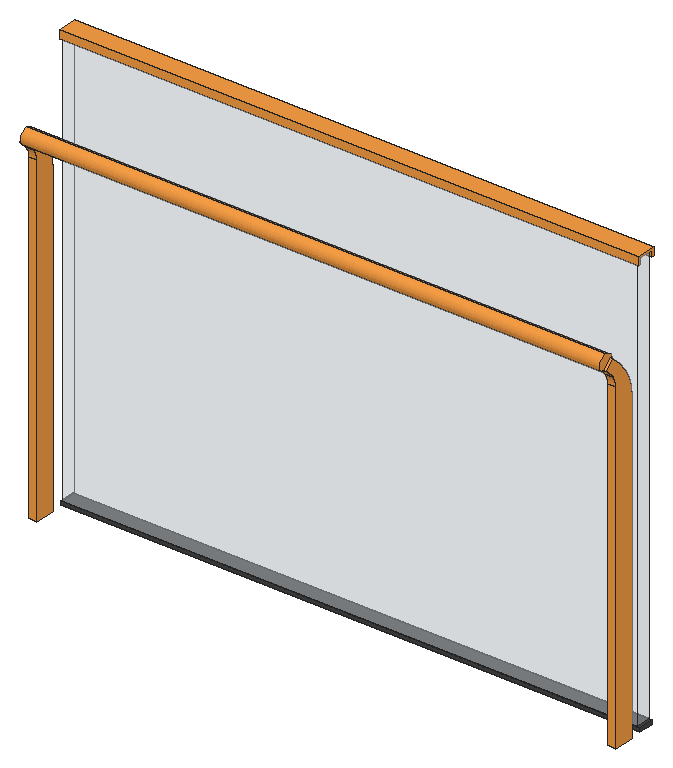
Revit family "Railing_Main", category Curtain Panels, Revit 2024
Family settings
  OmniClass Number = 23.25.20.14.11.11.17
  OmniClass Title = Infill Panels
  Always vertical = Yes
  Cut with Voids When Loaded = No
  Shared = No
Parameters (values of type "Flat")
  show_flat [instance] = is_flat  # yes
  show_arc inverted [instance] = and(is_arc, is_inverted arc)  # no
  show_arc [instance] = and(is_arc, not(is_inverted arc))  # no
  is_inverted arc [instance] = no
  is_flat [instance] = not(is_arc)  # yes
  is_arc = no
  Type Comments = "railing"
  R [instance] = 3000 mm
  Offset_Negative [instance] = if(CWPL_$Offset < 0 mm, abs(CWPL_$Offset), 0 mm)  # 0 mm
  Offset_Positive [instance] = if(CWPL_$Offset > 0 mm, abs(CWPL_$Offset), 0 mm)  # 0 mm
  Keynote = "RLG-1"
  H [instance] = 1100 mm
  Define Thermal Properties by = Schematic Type
  CWPL_$Width [instance] = 1500 mm
  CWPL_$Offset = 0 mm
  CWPL_$Height [instance] = 2500 mm
  Analytic Construction = "<None>"
Types (2, lengths in mm): name | show_flat | show_arc | is_flat | is_arc
  Flat | yes | no | yes | no
  Arc | no | yes | no | yes
Reference planes
  plane 1 "Front": y = 0
  plane 2: z = 0
  plane 3 "Center (Left/Right)": x = 0
  plane 4 "Left": x = -750
  plane 5 "Right": x = 750
  plane 6 "Top": z = 2500
  plane 7 "Host": y = 0
  plane 8: y = 0
Text (mm)
  text "Exterior" at (-1379.057, 797.241, 0), in view "Ref. Level"
  text "Exterior" at (12192, 1055.114, 2275.943), in view "Right"
  text "Exterior" at (-6096, 1468.734, 2687.031), in view "Left"
  text "WORKPLANE = HOST" at (922.129, 232.231, 0), in view "Ref. Level"
Dimensions and locks
  equal spacing: plane 4 "Left", plane 3 "Center (Left/Right)", plane 5 "Right"
  "CWPL_$Height": plane 2 to plane 6 "Top"
  "Offset_Positive": plane 7 "Host" to plane 8
  "Offset_Negative": plane 8 to plane 1 "Front"
  "CWPL_$Width": plane 4 "Left" to plane 5 "Right"
  aligned and locked: level to plane 2
  aligned and locked: plane 7 "Host" to nested 1
  aligned and locked: nested 1 to plane 5 "Right"
  aligned and locked: plane 1 "Front" to nested 2
  aligned and locked: nested 2 to plane 5 "Right"
  aligned and locked: nested 3 to plane 7 "Host"
  aligned and locked: nested 3 to plane 5 "Right"
Nested families
  nested 1: "Edge railing_Straight" at (750, 0, 0), W <- "CWPL_$Width", H <- "H", visible <- "show_flat", type "SD"
    with W 1500 mm, H 1100 mm
  nested 2: "Edge railing_Arc" at (750, 0, 0), H <- "H", R <- "R", W <- "CWPL_$Width", visible <- "show_arc", type "SD"
    with angle flip -14.4775°, angle 14.4775°, W 1500 mm, R 3000 mm, H 1100 mm
  nested 3: "Edge railing_Invert Arc" at (750, 0, 0), H <- "H", W <- "CWPL_$Width", R <- "R", visible <- "show_arc inverted", type "SD"
    with angle flip -14.4775°, angle 14.4775°, W 1500 mm, R 3000 mm, H 1100 mm
  nested 4: "EA_ID ARROW" at (50, 0, 0), type "SD"
  nested 5: "EA_ID ARROW" at (90.912, 0, 0), type "SD"
  nested 6: "EA_ID ARROW" at (10, 0, 0), type "SD"
Definition of nested family "Edge railing_Straight"
  Parameters (values of type "SD")
    yes = not(no)  # yes
    no = 1 > 2  # no
    W [instance] = 1500 mm
    Typ Railing = yes
    Low Railing [instance] = no
    Handrail h = 1100 mm
    H [instance] = 1100 mm
    Default Elevation = 0 mm
  Reference planes
    plane 1 "Center (Front/Back)": y = 0
    plane 2: z = 0
    plane 3 "Center (Left/Right)": x = 0
    plane 4: x = -1500
  Forms (mm)
    Sweep 1, solid
      path origin (0, 0, 0) x (1, 0, 0) y (0, 1, 0)
        loop
          line (0, 0) -> (-1500, 0)
      profile "Glass Profile : Vision" origin (-750, 0, 0) x (0, -1, 0) y (0, 0, 1)
        loop
          line (0, 0) -> (40, 0) -> (40, 1100) -> (0, 1100) -> (0, 0)
    Sweep 2, void
      path origin (0, 0, 0) x (1, 0, 0) y (0, 0, 1)
        loop
          line (0, 0) -> (0, 4500)
      profile "glass side trim V. Main_Void : SD" origin (0, 0, 2250) x (-1, 0, 0) y (0, -1, 0)
        loop
          line (-457.979, -190) -> (40, -190) -> (40, -90) -> (5, -90) -> (5, 140) -> (40, 140) -> (40, 220) -> (-457.979, 220) -> (-457.979, -190)
    Sweep 3, void
      path origin (-600, 0, 0) x (1, 0, 0) y (0, 0, 1)
        loop
          line (-900, 0) -> (-900, 4500)
      profile "glass side trim V. Main_Void : SD" origin (-1500, 0, 2250) x (-1, 0, 0) y (0, -1, 0)
        loop
          line (457.979, -190) -> (457.979, 220) -> (-40, 220) -> (-40, 140) -> (-5, 140) -> (-5, -90) -> (-40, -90) -> (-40, -190) -> (457.979, -190)
    Sweep 4, solid
      path origin (0, 0, 0) x (1, 0, 0) y (0, 1, 0)
        loop
          line (0, 0) -> (-1500, 0)
      profile "handrail : SD" origin (-750, 0, 0) x (0, -1, 0) y (0, 0, 1)
        loop
          circle (150, 900) r 20
    Sweep 5, solid
      path origin (0, 0, 0) x (1, 0, 0) y (0, 1, 0)
        loop
          line (0, 0) -> (-1500, 0)
      profile "Silicon : SD" origin (-750, 0, 0) x (0, -1, 0) y (0, 0, 1)
        loop
          line (40, -5) -> (40, 5) -> (0, 5) -> (0, -5) -> (40, -5)
    Sweep 6, solid
      path origin (0, 0, 0) x (1, 0, 0) y (0, 1, 0)
        loop
          line (0, 0) -> (-1500, 0)
      profile "Top rail : SD" origin (-750, 0, 0) x (0, -1, 0) y (0, 0, 1)
        loop
          line (45, 1100) -> (-5, 1100) -> (-5, 1080) -> (0, 1080) -> (0, 1095) -> (40, 1095) -> (40, 1080) -> (45, 1080) -> (45, 1100)
    Sweep 7, void
      path origin (0, 0, 0) x (1, 0, 0) y (0, 1, 0)
        loop
          line (0, 0) -> (-1500, 0)
      profile "Mullion H. Main_Void : SD" origin (-750, 0, 0) x (0, -1, 0) y (0, 0, 1)
        loop
          line (337.252, 1060) -> (337.252, 1290) -> (0, 1290) -> (0, 1095) -> (40, 1095) -> (40, 1060) -> (337.252, 1060)
    Sweep 8, void
      path origin (0, 0, 0) x (1, 0, 0) y (0, 1, 0)
        loop
          line (0, 0) -> (-1500, 0)
      profile "Mullion H. Main_Void : SD" origin (-750, 0, 0) x (0, -1, 0) y (0, 0, 1)
        loop
          line (337.252, 40) -> (40, 40) -> (40, 5) -> (0, 5) -> (0, -190) -> (337.252, -190) -> (337.252, 40)
  Cuts and joins
    Sweep 2, Sweep 3, Sweep 7, Sweep 8 cuts Sweep 1
  Dimensions and locks
    "W": plane 4 to plane 3 "Center (Left/Right)"
    Sweep 6 to plane 2 = 1100 mm
    Sweep 6 to nested 2 = 192.426 mm
    aligned and locked: plane 2 to level
    aligned and locked: plane 3 "Center (Left/Right)" to Sweep 1 sketch curve
    aligned and locked: plane 4 to Sweep 1 sketch curve
    aligned and locked: nested 1 to plane 4
    aligned and locked: nested 3 to level
    aligned and locked: nested 3 to plane 4
    aligned and locked: nested 4 to plane 3 "Center (Left/Right)"
    aligned and locked: plane 1 "Center (Front/Back)" to nested 5
  Automatic sketch dimensions
    plane 1 "Center (Front/Back)" to Sweep 1 sketch curve = 0 mm
    Sweep 2 sketch curve to plane 3 "Center (Left/Right)" = 0 mm
    Sweep 2 sketch curve to level = 0 mm
    Sweep 2 sketch curve to Sweep 2 sketch curve = 4500 mm
    Sweep 3 sketch curve to plane 4 = 0 mm
    Sweep 3 sketch curve to level = 0 mm
    Sweep 3 sketch curve to Sweep 3 sketch curve = 4500 mm
    plane 1 "Center (Front/Back)" to Sweep 4 sketch curve = 0 mm
    Sweep 4 sketch curve to plane 4 = 0 mm
    Sweep 4 sketch curve to plane 3 "Center (Left/Right)" = 0 mm
    plane 1 "Center (Front/Back)" to Sweep 5 sketch curve = 0 mm
    Sweep 5 sketch curve to plane 4 = 0 mm
    Sweep 5 sketch curve to plane 3 "Center (Left/Right)" = 0 mm
    plane 1 "Center (Front/Back)" to Sweep 6 sketch curve = 0 mm
    Sweep 6 sketch curve to plane 4 = 0 mm
    Sweep 6 sketch curve to plane 3 "Center (Left/Right)" = 0 mm
    plane 1 "Center (Front/Back)" to Sweep 7 sketch curve = 0 mm
    Sweep 7 sketch curve to plane 4 = 0 mm
    Sweep 7 sketch curve to plane 3 "Center (Left/Right)" = 0 mm
    plane 1 "Center (Front/Back)" to Sweep 8 sketch curve = 0 mm
    Sweep 8 sketch curve to plane 4 = 0 mm
    Sweep 8 sketch curve to plane 3 "Center (Left/Right)" = 0 mm
  Nested families
    nested 1: "Support" at (-1500, 0, 0) x (-1, 0, 0) z (0, 0, 1), visible <- "Typ Railing", type "DD"
    nested 2: "Support" at (0, 0, 0) x (-1, 0, 0) z (0, 0, 1), visible <- "Typ Railing", type "DD"
    nested 3: "support-Low" at (-1500, 0, 0) x (-1, 0, 0) z (0, 0, 1), visible <- "Low Railing", type "support-Low"
    nested 4: "support-Low" at (0, 0, 300) x (-1, 0, 0) z (0, 0, 1), visible <- "Low Railing", type "support-Low"
    nested 5: "EA_ID ARROW" at (-700, 0, 0), type "SD"
  Definition of nested family "Support"
    Parameters (values of type "support")
      Default Elevation = 0 mm
    Reference planes
      plane 1 "Center (Front/Back)": y = 0
      plane 2: z = 0
      plane 3 "Center (Left/Right)": x = 0
    Forms (mm)
      Extrusion 1, solid
        sketch origin (0, -160, 0) x (0, 1, 0) y (0, 0, 1)
          loop
            line (240, 0) -> (290, 0) -> (290, 839.289)
            arc (290, 839.289) -> (293.045, 854.597) -> (301.716, 867.574) r 40
            line (301.716, 867.574) -> (320.503, 886.36) -> (299.289, 907.574) -> (278.076, 886.36)
            arc (278.076, 886.36) -> (249.896, 844.185) -> (240, 794.437) r 130
            line (240, 794.437) -> (240, 0)
        from -10 to 10
    Dimensions and locks
      aligned and locked: plane 2 to level
  Definition of nested family "support-Low"
    Parameters (values of type "support-Low")
      Default Elevation = 0 mm
    Reference planes
      plane 1 "Center (Front/Back)": y = 0
      plane 2: z = 0
      plane 3 "Center (Left/Right)": x = 0
    Forms (mm)
      Extrusion 1, solid
        sketch origin (0, -160, 0) x (0, 1, 0) y (0, 0, 1)
          loop
            line (240, 0) -> (290, 0) -> (290, 539.289)
            arc (290, 539.289) -> (293.045, 554.597) -> (301.716, 567.574) r 40
            line (301.716, 567.574) -> (320.503, 586.36) -> (299.289, 607.574) -> (278.076, 586.36)
            arc (278.076, 586.36) -> (249.896, 544.185) -> (240, 494.437) r 130
            line (240, 494.437) -> (240, 0)
        from -10 to 10
    Dimensions and locks
      aligned and locked: plane 2 to level
  Definition of nested family "EA_ID ARROW"
    Parameters (values of type "SD")
      Default Elevation = 0 mm
    Reference planes
      plane 1 "Center (Front/Back)": y = 0
      plane 2: z = 0
      plane 3 "Center (Left/Right)": x = 0
      plane 4: z = 1500
      plane 5 "main": y = 500
    Lines and regions (mm)
      model lines
        curve 1: line (400, 500, 1500) -> (-400, 500, 1500)
        curve 2: line (-400, 500, 1500) -> (-272.721, 500, 1627.279)
        curve 3: line (-400, 500, 1500) -> (-272.721, 500, 1372.721)
    Dimensions and locks
      plane 2 to plane 4 = 1500 mm
      plane 5 "main" to plane 1 "Center (Front/Back)" = 500 mm
      aligned and locked: plane 2 to level
Definition of nested family "Edge railing_Arc"
  Parameters (values of type "SD")
    yes = not(no)  # yes
    no = 1 > 2  # no
    angle flip [instance] = -angle  # -14.4775°
    angle [instance] = asin((W / 2) / R)  # 14.4775°
    W [instance] = 1500 mm
    R [instance] = 3000 mm
    Handrail h = 1100 mm
    H [instance] = 4500 mm
    Default Elevation = 0 mm
  Reference planes
    plane 1 "Center (Front/Back)": y = 0
    plane 2: z = 0
    plane 3 "Center (Left/Right)": x = 0
    plane 4: x = -1500
  Forms (mm)
    Sweep 1, void
      path origin (0, 0, 0) x (1, 0, 0) y (0, 0, 1)
        loop
          line (0, 0) -> (0, 4500)
      profile "glass side trim V. Main_Void : SD" origin (0, 0, 2250) x (-1, 0, 0) y (0, -1, 0)
        loop
          line (-490.936, -69.472) -> (-8.77, -193.967) -> (16.23, -97.142) -> (-17.659, -88.392) -> (39.841, 134.304) -> (73.73, 125.554) -> (93.73, 203.014) -> (-388.436, 327.509) -> (-490.936, -69.472)
    Sweep 2, void
      path origin (-600, 0, 0) x (1, 0, 0) y (0, 0, 1)
        loop
          line (-900, 0) -> (-900, 4500)
      profile "glass side trim V. Main_Void : SD" origin (-1500, 0, 2250) x (-1, 0, 0) y (0, -1, 0)
        loop
          line (490.936, -69.472) -> (388.436, 327.509) -> (-93.73, 203.014) -> (-73.73, 125.554) -> (-39.841, 134.304) -> (17.659, -88.392) -> (-16.23, -97.142) -> (8.77, -193.967) -> (490.936, -69.472)
    Sweep 3, solid
      path in 3D
        loop
          arc (0, 0, 0) -> (-750, 95.262, 0) -> (-1500, 0, 0) r 3000
      profile "Glass Profile : Vision" origin (-750, 95.262, 0) x (0, -1, 0) y (0, 0, 1)
        loop
          line (0, 0) -> (40, 0) -> (40, 4500) -> (0, 4500) -> (0, 0)
    Sweep 4, solid
      path in 3D
        loop
          arc (0, 0, 0) -> (-750, 95.262, 0) -> (-1500, 0, 0) r 3000
      profile "Top rail : SD" origin (-750, 95.262, 0) x (0, -1, 0) y (0, 0, 1)
        loop
          line (45, 4500) -> (-5, 4500) -> (-5, 4480) -> (0, 4480) -> (0, 4495) -> (40, 4495) -> (40, 4480) -> (45, 4480) -> (45, 4500)
    Sweep 5, solid
      path in 3D
        loop
          arc (0, 0, 0) -> (-750, 95.262, 0) -> (-1500, 0, 0) r 3000
      profile "Handrail : SD" origin (-750, 95.262, 0) x (0, -1, 0) y (0, 0, 1)
        loop
          circle (150, 900) r 20
    Sweep 6, solid
      path in 3D
        loop
          arc (0, 0, 0) -> (-750, 95.262, 0) -> (-1500, 0, 0) r 3000
      profile "Silicon : SD" origin (-750, 95.262, 0) x (0, -1, 0) y (0, 0, 1)
        loop
          line (40, 5) -> (0, 5) -> (0, -5) -> (40, -5) -> (40, 5)
    Sweep 7, void
      path in 3D
        loop
          arc (0, 0, 0) -> (-750, 95.262, 0) -> (-1500, 0, 0) r 3000
      profile "Mullion H. Main_Void : SD" origin (-750, 95.262, 0) x (0, -1, 0) y (0, 0, 1)
        loop
          line (337.252, 4460) -> (337.252, 4690) -> (0, 4690) -> (0, 4495) -> (40, 4495) -> (40, 4460) -> (337.252, 4460)
    Sweep 8, void
      path in 3D
        loop
          arc (0, 0, 0) -> (-750, 95.262, 0) -> (-1500, 0, 0) r 3000
      profile "Mullion H. Main_Void : SD" origin (-750, 95.262, 0) x (0, -1, 0) y (0, 0, 1)
        loop
          line (337.252, 40) -> (40, 40) -> (40, 5) -> (0, 5) -> (0, -190) -> (337.252, -190) -> (337.252, 40)
  Cuts and joins
    Sweep 1, Sweep 2, Sweep 7, Sweep 8 cuts Sweep 3
  Lines and regions (mm)
    reference lines
      curve 1: arc (0, 0, 0) -> (-750, 95.262, 0) -> (-1500, 0, 0) r 3000
      curve 2: line (-1500, 0, 0) -> (-1200, -1161.895, 0)
      curve 3: line (0, 0, 0) -> (-200, -774.597, 0)
    sketch lines
      curve 4: arc (0, 0, 0) -> (-750, 95.262, 0) -> (-1500, 0, 0) r 3000
      curve 5: arc (0, 0, 0) -> (-750, 95.262, 0) -> (-1500, 0, 0) r 3000
      curve 6: arc (0, 0, 0) -> (-750, 95.262, 0) -> (-1500, 0, 0) r 3000
      curve 7: arc (0, 0, 0) -> (-750, 95.262, 0) -> (-1500, 0, 0) r 3000
      curve 8: arc (0, 0, 0) -> (-750, 95.262, 0) -> (-1500, 0, 0) r 3000
      curve 9: arc (0, 0, 0) -> (-750, 95.262, 0) -> (-1500, 0, 0) r 3000
  Dimensions and locks
    "W": plane 4 to plane 3 "Center (Left/Right)"
    "H": Sweep 1 sketch curve to Sweep 1 sketch curve
    "H": Sweep 2 sketch curve to Sweep 2 sketch curve
    "R": radius of curve 1
    "angle": angle plane 4 to curve 2
    "angle": angle curve 3 to plane 3 "Center (Left/Right)"
    aligned and locked: plane 2 to level
    aligned and locked: plane 1 "Center (Front/Back)" to nested 3
  Automatic sketch dimensions
    plane 1 "Center (Front/Back)" to curve 1 = 0 mm
    curve 1 to plane 4 = 0 mm
    plane 1 "Center (Front/Back)" to curve 3 = 0 mm
    curve 3 to plane 3 "Center (Left/Right)" = 0 mm
    Sweep 1 sketch curve to plane 3 "Center (Left/Right)" = 0 mm
    Sweep 1 sketch curve to level = 0 mm
    Sweep 2 sketch curve to plane 4 = 0 mm
    Sweep 2 sketch curve to level = 0 mm
  Nested families
    nested 1: "Supports" at (0, 0, 0) x (-0.9682, 0.25, 0) z (0, 0, 1), type "DD"
    nested 2: "Supports" at (-1500, 0, 0) x (-0.9682, -0.25, 0) z (0, 0, 1), type "DD"
    nested 3: "EA_ID ARROW" at (-740, 0, 0), type "SD"
  Definition of nested family "Supports"
    Parameters (values of type "support")
      Default Elevation = 0 mm
    Reference planes
      plane 1 "Center (Front/Back)": y = 0
      plane 2: z = 0
      plane 3 "Center (Left/Right)": x = 0
    Forms (mm)
      Extrusion 1, solid
        sketch origin (0, -160, 0) x (0, 1, 0) y (0, 0, 1)
          loop
            line (240, 0) -> (290, 0) -> (290, 839.289)
            arc (290, 839.289) -> (293.045, 854.597) -> (301.716, 867.574) r 40
            line (301.716, 867.574) -> (320.503, 886.36) -> (299.289, 907.574) -> (278.076, 886.36)
            arc (278.076, 886.36) -> (249.896, 844.185) -> (240, 794.437) r 130
            line (240, 794.437) -> (240, 0)
        from -10 to 10
    Dimensions and locks
      aligned and locked: plane 2 to level
  Definition of nested family "EA_ID ARROW"
    Parameters (values of type "SD")
      Default Elevation = 0 mm
    Reference planes
      plane 1 "Center (Front/Back)": y = 0
      plane 2: z = 0
      plane 3 "Center (Left/Right)": x = 0
      plane 4: z = 1500
      plane 5 "main": y = 500
    Lines and regions (mm)
      model lines
        curve 1: line (400, 500, 1500) -> (-400, 500, 1500)
        curve 2: line (-400, 500, 1500) -> (-272.721, 500, 1627.279)
        curve 3: line (-400, 500, 1500) -> (-272.721, 500, 1372.721)
    Dimensions and locks
      plane 2 to plane 4 = 1500 mm
      plane 5 "main" to plane 1 "Center (Front/Back)" = 500 mm
      aligned and locked: plane 2 to level
Definition of nested family "Edge railing_Invert Arc"
  Parameters (values of type "SD")
    yes = not(no)  # yes
    no = 1 > 2  # no
    angle flip [instance] = -angle  # -14.8724°
    angle [instance] = asin((W / 2) / R)  # 14.8724°
    W [instance] = 1540 mm
    R [instance] = 3000 mm
    Handrail h = 1100 mm
    H [instance] = 4500 mm
    Default Elevation = 0 mm
  Reference planes
    plane 1 "Center (Front/Back)": y = 0
    plane 2: z = 0
    plane 3 "Center (Left/Right)": x = 0
    plane 4: x = -1540
  Forms (mm)
    Sweep 1, void
      path origin (0, 0, 0) x (1, 0, 0) y (0, 0, 1)
        loop
          line (0, 0) -> (0, 4500)
      profile "glass side trim V. Main_Void : SD" origin (0, 0, 2250) x (-1, 0, 0) y (0, -1, 0)
        loop
          line (-393.87, -301.183) -> (87.427, -173.368) -> (61.76, -76.718) -> (27.932, -85.702) -> (-31.101, 136.593) -> (2.727, 145.577) -> (-17.807, 222.897) -> (-499.103, 95.082) -> (-393.87, -301.183)
    Sweep 2, void
      path origin (-600, 0, 0) x (1, 0, 0) y (0, 0, 1)
        loop
          line (-940, 0) -> (-940, 4500)
      profile "glass side trim V. Main_Void : SD" origin (-1540, 0, 2250) x (-1, 0, 0) y (0, -1, 0)
        loop
          line (393.87, -301.183) -> (499.103, 95.082) -> (17.807, 222.897) -> (-2.727, 145.577) -> (31.101, 136.593) -> (-27.932, -85.702) -> (-61.76, -76.718) -> (-87.427, -173.368) -> (393.87, -301.183)
    Sweep 3, solid
      path in 3D
        loop
          arc (0, 0, 0) -> (-770, -100.5, 0) -> (-1540, 0, 0) r 3000
      profile "Glass Profile : Vision" origin (-770, -100.5, 0) x (0, -1, 0) y (0, 0, 1)
        loop
          line (0, 0) -> (40, 0) -> (40, 4500) -> (0, 4500) -> (0, 0)
    Sweep 4, solid
      path in 3D
        loop
          arc (0, 0, 0) -> (-770, -100.5, 0) -> (-1540, 0, 0) r 3000
      profile "Top rail : SD" origin (-770, -100.5, 0) x (0, -1, 0) y (0, 0, 1)
        loop
          line (45, 4500) -> (-5, 4500) -> (-5, 4480) -> (0, 4480) -> (0, 4495) -> (40, 4495) -> (40, 4480) -> (45, 4480) -> (45, 4500)
    Sweep 5, solid
      path in 3D
        loop
          arc (0, 0, 0) -> (-770, -100.5, 0) -> (-1540, 0, 0) r 3000
      profile "handrail : SD" origin (-770, -100.5, 0) x (0, -1, 0) y (0, 0, 1)
        loop
          circle (150, 900) r 20
    Sweep 6, solid
      path in 3D
        loop
          arc (0, 0, 0) -> (-770, -100.5, 0) -> (-1540, 0, 0) r 3000
      profile "Silicon : SD" origin (-770, -100.5, 0) x (0, -1, 0) y (0, 0, 1)
        loop
          line (40, 5) -> (0, 5) -> (0, -5) -> (40, -5) -> (40, 5)
    Sweep 7, void
      path in 3D
        loop
          arc (0, 0, 0) -> (-770, -100.5, 0) -> (-1540, 0, 0) r 3000
      profile "Mullion H. Main_Void : SD" origin (-770, -100.5, 0) x (0, -1, 0) y (0, 0, 1)
        loop
          line (337.252, 4460) -> (337.252, 4690) -> (0, 4690) -> (0, 4495) -> (40, 4495) -> (40, 4460) -> (337.252, 4460)
    Sweep 8, void
      path in 3D
        loop
          arc (0, 0, 0) -> (-770, -100.5, 0) -> (-1540, 0, 0) r 3000
      profile "Mullion H. Main_Void : SD" origin (-770, -100.5, 0) x (0, -1, 0) y (0, 0, 1)
        loop
          line (337.252, 40) -> (40, 40) -> (40, 5) -> (0, 5) -> (0, -190) -> (337.252, -190) -> (337.252, 40)
  Cuts and joins
    Sweep 1, Sweep 2, Sweep 7, Sweep 8 cuts Sweep 3
    Sweep 1, Sweep 2 cuts Sweep 4
    Sweep 1, Sweep 2 cuts Sweep 6
  Lines and regions (mm)
    reference lines
      curve 1: arc (0, 0, 0) -> (-770, -100.5, 0) -> (-1540, 0, 0) r 3000
      curve 8: line (-1540, 0, 0) -> (-1714.533, -657.22, 0)
      curve 9: line (0, 0, 0) -> (225.867, -850.52, 0)
    sketch lines
      curve 2: arc (0, 0, 0) -> (-770, -100.5, 0) -> (-1540, 0, 0) r 3000
      curve 3: arc (0, 0, 0) -> (-770, -100.5, 0) -> (-1540, 0, 0) r 3000
      curve 4: arc (0, 0, 0) -> (-770, -100.5, 0) -> (-1540, 0, 0) r 3000
      curve 5: arc (0, 0, 0) -> (-770, -100.5, 0) -> (-1540, 0, 0) r 3000
      curve 6: arc (0, 0, 0) -> (-770, -100.5, 0) -> (-1540, 0, 0) r 3000
      curve 7: arc (0, 0, 0) -> (-770, -100.5, 0) -> (-1540, 0, 0) r 3000
  Dimensions and locks
    "W": plane 4 to plane 3 "Center (Left/Right)"
    "H": Sweep 1 sketch curve to Sweep 1 sketch curve
    "H": Sweep 2 sketch curve to Sweep 2 sketch curve
    equal spacing: plane 4, curve 1, plane 3 "Center (Left/Right)"
    "R": radius of curve 1
    "angle": angle plane 3 "Center (Left/Right)" to curve 9
    "angle": angle curve 8 to plane 4
    aligned and locked: plane 2 to level
    aligned and locked: plane 1 "Center (Front/Back)" to curve 1
    aligned and locked: plane 4 to curve 8
    aligned and locked: plane 3 "Center (Left/Right)" to curve 9
    aligned and locked: plane 1 "Center (Front/Back)" to nested 3
  Automatic sketch dimensions
    Sweep 1 sketch curve to plane 3 "Center (Left/Right)" = 0 mm
    Sweep 1 sketch curve to level = 0 mm
    Sweep 2 sketch curve to plane 4 = 0 mm
    Sweep 2 sketch curve to level = 0 mm
  Nested families
    nested 1: "support" at (0, 0, 0) x (-0.9665, -0.2567, 0) z (0, 0, 1), type "support"
    nested 2: "support" at (-1540, 0, 0) x (-0.9665, 0.2567, 0) z (0, 0, 1), type "support"
    nested 3: "EA_ID ARROW" at (-659.088, 0, 0), type "SD"
  Definition of nested family "support"
    Parameters (values of type "support")
      Default Elevation = 0 mm
    Reference planes
      plane 1 "Center (Front/Back)": y = 0
      plane 2: z = 0
      plane 3 "Center (Left/Right)": x = 0
    Forms (mm)
      Extrusion 1, solid
        sketch origin (0, -160, 0) x (0, 1, 0) y (0, 0, 1)
          loop
            line (240, 0) -> (290, 0) -> (290, 839.289)
            arc (290, 839.289) -> (293.045, 854.597) -> (301.716, 867.574) r 40
            line (301.716, 867.574) -> (320.503, 886.36) -> (299.289, 907.574) -> (278.076, 886.36)
            arc (278.076, 886.36) -> (249.896, 844.185) -> (240, 794.437) r 130
            line (240, 794.437) -> (240, 0)
        from -10 to 10
    Dimensions and locks
      aligned and locked: plane 2 to level
  Definition of nested family "EA_ID ARROW"
    Parameters (values of type "SD")
      Default Elevation = 0 mm
    Reference planes
      plane 1 "Center (Front/Back)": y = 0
      plane 2: z = 0
      plane 3 "Center (Left/Right)": x = 0
      plane 4: z = 1500
      plane 5 "main": y = 500
    Lines and regions (mm)
      model lines
        curve 1: line (400, 500, 1500) -> (-400, 500, 1500)
        curve 2: line (-400, 500, 1500) -> (-272.721, 500, 1627.279)
        curve 3: line (-400, 500, 1500) -> (-272.721, 500, 1372.721)
    Dimensions and locks
      plane 2 to plane 4 = 1500 mm
      plane 5 "main" to plane 1 "Center (Front/Back)" = 500 mm
      aligned and locked: plane 2 to level
Definition of nested family "EA_ID ARROW"
  Parameters (values of type "SD")
    Default Elevation = 0 mm
  Reference planes
    plane 1 "Center (Front/Back)": y = 0
    plane 2: z = 0
    plane 3 "Center (Left/Right)": x = 0
    plane 4: z = 1500
    plane 5 "main": y = 500
  Lines and regions (mm)
    model lines
      curve 1: line (400, 500, 1500) -> (-400, 500, 1500)
      curve 2: line (-400, 500, 1500) -> (-272.721, 500, 1627.279)
      curve 3: line (-400, 500, 1500) -> (-272.721, 500, 1372.721)
  Dimensions and locks
    plane 2 to plane 4 = 1500 mm
    plane 5 "main" to plane 1 "Center (Front/Back)" = 500 mm
    aligned and locked: plane 2 to level
